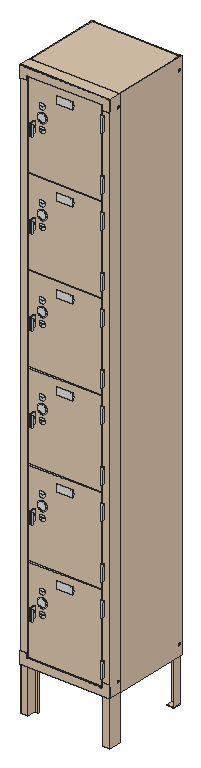
Revit family "Metal_Vented_Lockers-Salsbury_Industries-75000_76000_Series-1_Wide_Units", category Specialty Equipment, Revit 2022 (continued)
Definition of nested family "Metal Locker Legs"
  Forms (in)
    Extrusion 1, solid, material <- "Primary Structure Material", visible <- "Visible"
      sketch origin (0, 0, 0) x (0, -1, 0) y (1, 0, 0)
        loop
          line (7.417, 6.0035) -> (7.417, 5.9435) -> (8.945, 5.9435) -> (8.945, 5.0635) -> (7.76, 5.0635) -> (7.76, 4.5635) -> (7.82, 4.5635) -> (7.82, 5.0035) -> (9.005, 5.0035) -> (9.005, 6.0035) -> (7.417, 6.0035)
      from 0 to 6
    Extrusion 2, solid, material <- "Primary Structure Material", visible <- "Visible"
      sketch origin (0, 0, 0) x (0, -1, 0) y (1, 0, 0)
        loop
          line (7.417, -6.0035) -> (9.005, -6.0035) -> (9.005, -5.0035) -> (7.82, -5.0035) -> (7.82, -4.5635) -> (7.76, -4.5635) -> (7.76, -5.0635) -> (8.945, -5.0635) -> (8.945, -5.9435) -> (7.417, -5.9435) -> (7.417, -6.0035)
      from 0 to 6
    Extrusion 3, solid, material <- "Primary Structure Material", visible <- "Visible"
      sketch origin (0, 0, 0) x (0, -1, 0) y (1, 0, 0)
        loop
          line (-8.895, 5.8835) -> (-8.895, 4.8835) -> (-8.835, 4.8835) -> (-8.835, 5.8235) -> (-7.895, 5.8235) -> (-7.895, 5.8835) -> (-8.895, 5.8835)
      from 0.06 to 6.185
    Extrusion 4, solid, material <- "Primary Structure Material", visible <- "Visible"
      sketch origin (0, 0, 0) x (0, -1, 0) y (1, 0, 0)
        loop
          line (-8.895, 5.8835) -> (-8.895, 4.8835) -> (-7.895, 4.8835) -> (-7.895, 5.8835) -> (-8.895, 5.8835)
      from 0 to 0.06
    Extrusion 5, solid, material <- "Primary Structure Material", visible <- "Visible"
      sketch origin (0, 0, 0) x (0, -1, 0) y (1, 0, 0)
        loop
          line (-8.895, -5.8835) -> (-7.895, -5.8835) -> (-7.895, -5.8235) -> (-8.835, -5.8235) -> (-8.835, -4.8835) -> (-8.895, -4.8835) -> (-8.895, -5.8835)
      from 0.06 to 6.185
    Extrusion 6, solid, material <- "Primary Structure Material", visible <- "Visible"
      sketch origin (0, 0, 0) x (0, -1, 0) y (1, 0, 0)
        loop
          line (-8.895, -5.8835) -> (-7.895, -5.8835) -> (-7.895, -4.8835) -> (-8.895, -4.8835) -> (-8.895, -5.8835)
      from 0 to 0.06
  Dimensions and locks (in)
    equal spacing: plane 6 "Left Side of Unit", plane 3 "Center (Left/Right)", plane 7 "Right Side of Unit"
    "Width": plane 6 "Left Side of Unit" to plane 7 "Right Side of Unit"
    "Height": plane 5 "Bottom of Unit" to plane 4 "Floor"
    equal spacing: plane 9 "Front of Unit", plane 1 "Center (Front/Back)", plane 8 "Back of Unit"
    "Depth": plane 9 "Front of Unit" to plane 8 "Back of Unit"
    plane 12 "Top of back legs" to plane 5 "Bottom of Unit" = 0.185"
    plane 6 "Left Side of Unit" to plane 11 "Left Side of Door Opening" = 1.000"
    plane 10 "Right Side of Door Opening" to plane 7 "Right Side of Unit" = 1.000"
    locked: plane 9 "Front of Unit" to plane 13 "Back Edge of Front Facing" at 1.588
    plane 11 "Left Side of Door Opening" to plane 14 "Inside Edge of Front Leg" = 0.440"
    plane 15 "Inside Edge of Right Leg" to plane 10 "Right Side of Door Opening" = 0.440"
    plane 9 "Front of Unit" to plane 16 = 1.185"
    plane 15 "Inside Edge of Right Leg" to plane 21 "Inside Edge or Rear Right Leg" to plane 10 "Right Side of Door Opening" to plane 18 "Right Edge of Rear Right Leg" to plane 7 "Right Side of Unit" = 0.320", 0.120", 0.880", 0.120"
    plane 6 "Left Side of Unit" to plane 19 "Left Edge or Rear Left Leg" to plane 11 "Left Side of Door Opening" to plane 22 "Inside Edge or Left Rear Leg" to plane 14 "Inside Edge of Front Leg" = 0.120", 0.880", 0.120", 0.320"
    plane 20 to plane 17 "Back Edge of Rear Legs" to plane 8 "Back of Unit" = 1.000", 0.110"
    aligned and locked: level to plane 2
    aligned and locked: Extrusion 3 to Extrusion 4
    aligned and locked: Extrusion 6 to Extrusion 5
    aligned and locked: Extrusion 3 to plane 18 "Right Edge of Rear Right Leg"
    aligned and locked: Extrusion 3 to plane 17 "Back Edge of Rear Legs"
    aligned and locked: Extrusion 5 to plane 19 "Left Edge or Rear Left Leg"
    aligned and locked: Extrusion 5 to plane 17 "Back Edge of Rear Legs"
    aligned and locked: Extrusion 2 to plane 5 "Bottom of Unit"
    aligned and locked: Extrusion 1 to plane 5 "Bottom of Unit"
    aligned and locked: Extrusion 3 to plane 12 "Top of back legs"
    aligned and locked: Extrusion 5 to plane 12 "Top of back legs"
  Automatic sketch dimensions
    plane 13 "Back Edge of Front Facing" to Extrusion 1 sketch curve = 0.000"
    Extrusion 1 sketch curve to plane 15 "Inside Edge of Right Leg" = 0.000"
    plane 16 to Extrusion 1 sketch curve = 0.000"
    Extrusion 1 sketch curve to plane 7 "Right Side of Unit" = 0.000"
    plane 9 "Front of Unit" to Extrusion 1 sketch curve = 0.000"
    Extrusion 1 sketch curve to plane 10 "Right Side of Door Opening" = 0.000"
    Extrusion 1 sketch curve to plane 16 = 0.060"
    Extrusion 1 sketch curve to plane 9 "Front of Unit" = 0.060"
    Extrusion 1 sketch curve to plane 10 "Right Side of Door Opening" = 0.060"
    plane 7 "Right Side of Unit" to Extrusion 1 sketch curve = 0.060"
    plane 13 "Back Edge of Front Facing" to Extrusion 2 sketch curve = 0.000"
    Extrusion 2 sketch curve to plane 14 "Inside Edge of Front Leg" = 0.000"
    plane 16 to Extrusion 2 sketch curve = 0.000"
    Extrusion 2 sketch curve to plane 6 "Left Side of Unit" = 0.000"
    plane 9 "Front of Unit" to Extrusion 2 sketch curve = 0.000"
    Extrusion 2 sketch curve to plane 11 "Left Side of Door Opening" = 0.000"
    plane 16 to Extrusion 2 sketch curve = 0.060"
    plane 9 "Front of Unit" to Extrusion 2 sketch curve = 0.060"
    Extrusion 2 sketch curve to plane 11 "Left Side of Door Opening" = 0.060"
    plane 6 "Left Side of Unit" to Extrusion 2 sketch curve = 0.060"
    plane 17 "Back Edge of Rear Legs" to Extrusion 3 sketch curve = 0.000"
    Extrusion 3 sketch curve to plane 21 "Inside Edge or Rear Right Leg" = 0.000"
    Extrusion 3 sketch curve to plane 18 "Right Edge of Rear Right Leg" = 0.000"
    plane 20 to Extrusion 3 sketch curve = 0.000"
    plane 17 "Back Edge of Rear Legs" to Extrusion 3 sketch curve = 0.060"
    plane 18 "Right Edge of Rear Right Leg" to Extrusion 3 sketch curve = 0.060"
    plane 17 "Back Edge of Rear Legs" to Extrusion 4 sketch curve = 0.000"
    Extrusion 4 sketch curve to plane 18 "Right Edge of Rear Right Leg" = 0.000"
    plane 20 to Extrusion 4 sketch curve = 0.000"
    Extrusion 4 sketch curve to plane 21 "Inside Edge or Rear Right Leg" = 0.000"
    plane 17 "Back Edge of Rear Legs" to Extrusion 5 sketch curve = 0.000"
    Extrusion 5 sketch curve to plane 22 "Inside Edge or Left Rear Leg" = 0.000"
    Extrusion 5 sketch curve to plane 19 "Left Edge or Rear Left Leg" = 0.000"
    plane 20 to Extrusion 5 sketch curve = 0.000"
    Extrusion 5 sketch curve to plane 17 "Back Edge of Rear Legs" = 0.060"
    Extrusion 5 sketch curve to plane 19 "Left Edge or Rear Left Leg" = 0.060"
    plane 17 "Back Edge of Rear Legs" to Extrusion 6 sketch curve = 0.000"
    Extrusion 6 sketch curve to plane 19 "Left Edge or Rear Left Leg" = 0.000"
    plane 20 to Extrusion 6 sketch curve = 0.000"
    Extrusion 6 sketch curve to plane 22 "Inside Edge or Left Rear Leg" = 0.000"
Definition of nested family "Vented Metal Locker Doors-12 inch with Latch Hasps"
  Parameters (values of type "Four Tier Door - 6 foot")
    Width = 9.901"
    Visible = yes
    Vent Array Spacing = 1.187"
    Vent Array 2 = if(Height = 17.360", 10, if(Height = 14.360", 8, if(Height = 11.532", 6, if(Height = 11.463", 6, 0))))  # 10
    Vent Array 1 = Vent Array 2  # 10
    Primary Structure Material = none
    Louver Set Vertical Alignment = 5.710"
    Number Plate Alignment = 0.9375"
    Louver Width = 4.000"
    Hinge 2 Placement = 14.142"
    Hinge 1 Placement = 1.125"
    Height = 17.360"
    Hasp Plate Rivet Material = none
    Hasp Height = 1.438"
    First Vent Placement = 2.875"
    Depth = 0.900"
    Default Elevation = 0.000"
  Types (4): name | Vent Array 2 | Vent Array 1 | Louver Set Vertical Alignment | Hinge 2 Placement | Height | First Vent Placement
    Six Tier Door - 6 foot | 6 | 6 | 2.731" | 8.449" | 11.532" | 2.3925"
    Five Tier Door - 5 foot | 6 | 6 | 2.826" | 8.188" | 11.463" | 2.3925"
    Four Tier Door - 6 foot | 10 | 10 | 5.710" | 14.142" | 17.360" | 2.875"
    Four Tier Door - 5 foot | 8 | 8 | 4.240" | 11.142" | 14.360" | 2.625"
  Reference planes (in)
    plane 1 "Center (Front/Back)": y = 0
    plane 2 "Bottom of Door": z = 0
    plane 3 "Center (Left/Right)": x = 0
    plane 4 "Center (Top/Bottom)": z = 8.68
    plane 5 "Top of Door": z = 17.36
    plane 6 "Right Side of Door": x = 4.9505
    plane 7 "Left Side of Door": x = -4.9505
    plane 8 "Front of Door": y = -0.45
    plane 9 "Back of Door": y = 0.45
    plane 10 "Top of Number Plate": z = 16.4225
    plane 11 "Top of Hasp Alignment": z = 9.399
    plane 12 "Bottom of Hasp Alignment": z = 7.961
    plane 13 "Left Side of Louvers": x = -2
    plane 14 "Right Side of Louvers": x = 2
    plane 15 "Front of Louvers": y = -0.6375
    plane 16: x = -1.094
    plane 17: x = 1.094
    plane 18: z = 15.4225
    plane 19 "Center Hasp": x = -1.7755
    plane 20 "Top of Hinge 2": z = 3.218
    plane 21 "Top of Hinge 1": z = 16.235
    plane 22 "Left Hasp Hole Align": x = -4.263
    plane 23 "Right Hasp Hole Align": x = -4.013
    plane 24 "Center Hasp Stud Align": z = 10.09841
    plane 25 "Top Hasp Stud Align": z = 11.51682
    plane 26 "Vertical Hasp Stud Align": x = -3.076
    plane 27 "Vertical Center Hasp Align": x = -4.13777
    plane 28: z = 2.875
    plane 29: z = 3.46558
    plane 30: z = 4.062
    plane 31: z = 4.65258
  Forms (in)
    Extrusion 1, solid, material <- "Primary Structure Material", visible <- "Visible"
      sketch origin (0, 0, 0) x (1, 0, 0) y (0, 0, 1)
        loop
          line (-4.9505, 17.36) -> (-4.9505, 0) -> (4.9505, 0) -> (4.9505, 17.36) -> (-4.9505, 17.36)
      from -0.45 to 0.45
    Extrusion 2, solid, material <- "Hasp Plate Rivet Material", visible <- "Visible", detail levels medium+fine
      sketch origin (0, -0.45, 0) x (1, 0, 0) y (0, 0, 1)
        loop
          arc (-1.06847, 16.38695) -> (-1.10166, 15.92421) -> (-1.06847, 15.46147) r 3.2426
          arc (-1.06847, 15.46147) -> (0, 15.42272) -> (1.06847, 15.46147) r 14.75
          arc (1.06847, 15.46147) -> (1.10166, 15.92421) -> (1.06847, 16.38695) r 3.2426
          arc (1.06847, 16.38695) -> (0, 16.41487) -> (-1.06847, 16.38695) r 20.45441
      from 0 to 0.03497
    Extrusion 3, void
      sketch origin (-1.7755, -0.13281, 0.04687) x (0, 0, -1) y (0, -1, 0)
        loop
          circle (-8.35677, -0.16411) r 0.2
      from -0.163 to 0.163
    Extrusion 4, solid, material <- "Primary Structure Material", visible <- "Visible", detail levels medium+fine
      sketch origin (0, 0, 16.235) x (0, -1, 0) y (1, 0, 0)
        loop
          line (0.45, 4.9505) -> (0.575, 4.9505)
          arc (0.575, 4.9505) -> (0.7, 5.0755) -> (0.575, 5.2005) r 0.125
          line (0.575, 5.2005) -> (0.45, 5.2005) -> (0.45, 4.9505)
      from 0 to -2
    Extrusion 5, solid, material <- "Primary Structure Material", visible <- "Visible", detail levels medium+fine
      sketch origin (0, 0, 3.218) x (0, -1, 0) y (1, 0, 0)
        loop
          line (0.45, 4.9505) -> (0.575, 4.9505)
          arc (0.575, 4.9505) -> (0.7, 5.0755) -> (0.575, 5.2005) r 0.125
          line (0.575, 5.2005) -> (0.45, 5.2005) -> (0.45, 4.9505)
      from 0 to -2
    Extrusion 6, void
      sketch origin (0, -0.45, 0) x (1, 0, 0) y (0, 0, 1)
        loop
          line (-4.263, 9.399) -> (-4.263, 7.961) -> (-4.013, 7.961) -> (-4.013, 9.399) -> (-4.263, 9.399)
      from -0.9 to 0
    Blend 7, solid, material <- "Hasp Plate Rivet Material", visible <- "Visible", detail levels fine
      base sketch origin (0, -0.45, 0) x (1, 0, 0) y (0, 0, 1)
        loop
          circle (-3.076, 8.68) r 0.375
      top sketch origin (0, -0.45, 0) x (1, 0, 0) y (0, 0, 1)
        loop
          circle (-3.076, 8.68) r 0.09706
      from 0 to 0.03497
    Blend 8, solid, material <- "Hasp Plate Rivet Material", visible <- "Visible", detail levels fine
      base sketch origin (0, -0.45, 2.83682) x (1, 0, 0) y (0, 0, 1)
        loop
          circle (-3.076, 8.68) r 0.375
      top sketch origin (0, -0.45, 2.83682) x (1, 0, 0) y (0, 0, 1)
        loop
          circle (-3.076, 8.68) r 0.09706
      from 0 to 0.03497
    Blend 9, solid, material <- "Hasp Plate Rivet Material", visible <- "Visible", detail levels fine
      base sketch origin (0, -0.45, -0.16841) x (1, 0, 0) y (0, 0, 1)
        loop
          circle (-3.076, 10.26682) r 0.625
      top sketch origin (0, -0.45, -0.16841) x (1, 0, 0) y (0, 0, 1)
        loop
          circle (-3.076, 10.26682) r 0.58088
      from 0 to 0.03497
    Extrusion 10, solid, material <- "Hasp Plate Rivet Material", visible <- "Visible", detail levels fine
      sketch origin (0, 0, 7.961) x (0, -1, 0) y (1, 0, 0)
        loop
          line (-0.45, -4.07527) -> (-0.45, -4.13777) -> (1.2, -4.13777)
          arc (1.2, -4.13777) -> (1.24419, -4.11946) -> (1.2625, -4.07527) r 0.0625
          line (1.2625, -4.07527) -> (1.2625, -3.76277) -> (1.20579, -3.76277) -> (1.20579, -4.0127)
          arc (1.20579, -4.0127) -> (1.18746, -4.05694) -> (1.14322, -4.07527) r 0.06257
          line (1.14322, -4.07527) -> (-0.45, -4.07527)
      from 0 to 1.438
    Extrusion 11, solid, material <- "Hasp Plate Rivet Material", visible <- "Visible", detail levels fine
      sketch origin (0, 0, 7.961) x (0, -1, 0) y (1, 0, 0)
        loop
          line (-0.45, -4.20027) -> (1.2625, -4.20027) -> (1.2625, -4.13777) -> (-0.45, -4.13777) -> (-0.45, -4.20027)
      from 0 to 1.438
    Extrusion 12, void
      sketch origin (-4.013, 0, 0) x (0, 0, -1) y (0, -1, 0)
        loop
          circle (-8.68, 0.82219) r 0.375
      from 0 to 0.25
  Cuts and joins
    Extrusion 3, Extrusion 6 cuts Extrusion 1
    Extrusion 12 cuts Extrusion 10
    Extrusion 12 cuts Extrusion 11
  Lines and regions (in)
    symbolic lines
      curve 1: line (-4.20027, -0.44719, 7.961) -> (-4.20027, -1.2625, 7.961)
      curve 2: line (-4.20027, -1.2625, 7.961) -> (-4.13777, -1.2625, 7.961)
      curve 3: line (-4.13777, -1.2625, 7.961) -> (-4.13777, -0.45, 7.961)
      curve 4: line (-4.07527, -0.44719, 7.961) -> (-4.07527, -1.14322, 7.961)
      curve 5: line (-4.0127, -1.20579, 7.961) -> (-3.76277, -1.20579, 7.961)
      curve 6: line (-3.76277, -1.20579, 7.961) -> (-3.76277, -1.2625, 7.961)
      curve 7: line (-3.76277, -1.2625, 7.961) -> (-4.07527, -1.2625, 7.961)
      curve 8: arc (-4.07527, -1.14322, 7.961) -> (-4.05694, -1.18746, 7.961) -> (-4.0127, -1.20579, 7.961) r 0.06257
      curve 9: arc (-4.07527, -1.2625, 7.961) -> (-4.11946, -1.24419, 7.961) -> (-4.13777, -1.2, 7.961) r 0.0625
      curve 10: line (-4.013, -0.45, 9.40058) -> (-4.013, -1.26256, 9.40058)
      curve 11: line (-4.013, -1.26256, 9.40058) -> (-4.013, -1.26256, 7.9612)
      curve 12: line (-4.013, -1.26256, 7.9612) -> (-4.013, -0.45309, 7.9612)
      curve 13: line (-4.263, -0.45, 9.399) -> (-4.20027, -0.45, 9.399)
      curve 14: line (-4.263, -0.45, 7.961) -> (-4.263, -0.45, 9.399)
      curve 15: line (-4.20027, -0.45, 7.961) -> (-4.263, -0.45, 7.961)
      curve 16: line (-4.20027, -0.45, 9.399) -> (-4.20027, -0.45, 7.961)
      curve 17: line (-4.20027, -0.45, 9.399) -> (-3.76277, -0.45, 9.399)
      curve 18: line (-4.20027, -0.45, 7.961) -> (-3.76277, -0.45, 7.961)
      curve 19: line (-3.76277, -0.45, 9.399) -> (-3.76277, -0.45, 7.961)
      curve 20: circle (-3.076, -0.45, 11.51682) r 0.371 normal (0, -1, 0)
      curve 21: circle (-3.076, -0.45, 8.68) r 0.375 normal (0, -1, 0)
      curve 22: circle (-3.076, -0.45, 10.09841) r 0.62368 normal (0, -1, 0)
      curve 23: line (-4.9505, -0.45, 17.36) -> (4.9505, -0.45, 17.36)
      curve 24: line (-4.9505, -0.45, 0) -> (-4.9505, -0.45, 17.36)
      curve 25: line (4.9505, -0.45, 0) -> (-4.9505, -0.45, 0)
      curve 26: line (4.9505, -0.45, 17.36) -> (4.9505, -0.45, 0)
  Dimensions and locks (in)
    equal spacing: plane 5 "Top of Door", plane 4 "Center (Top/Bottom)", plane 2 "Bottom of Door"
    "Height": plane 5 "Top of Door" to plane 2 "Bottom of Door"
    equal spacing: plane 8 "Front of Door", plane 1 "Center (Front/Back)", plane 9 "Back of Door"
    "Depth": plane 8 "Front of Door" to plane 9 "Back of Door"
    equal spacing: plane 7 "Left Side of Door", plane 3 "Center (Left/Right)", plane 6 "Right Side of Door"
    "Width": plane 7 "Left Side of Door" to plane 6 "Right Side of Door"
    "Number Plate Alignment": plane 5 "Top of Door" to plane 10 "Top of Number Plate" to plane 18
    equal spacing: plane 13 "Left Side of Louvers", plane 3 "Center (Left/Right)", plane 14 "Right Side of Louvers"
    "Louver Width": plane 13 "Left Side of Louvers" to plane 14 "Right Side of Louvers"
    plane 25 "Top Hasp Stud Align" to plane 24 "Center Hasp Stud Align" to plane 11 "Top of Hasp Alignment" to plane 4 "Center (Top/Bottom)" to plane 12 "Bottom of Hasp Alignment" = 1.41841", 0.69941", 0.719", 0.719"
    "Hasp Height": plane 11 "Top of Hasp Alignment" to plane 12 "Bottom of Hasp Alignment"
    locked: plane 15 "Front of Louvers" to plane 8 "Front of Door" at 0.1875
    plane 16 to plane 3 "Center (Left/Right)" to plane 17 = 1.094" locked, 1.094" locked
    "Hinge 1 Placement": plane 5 "Top of Door" to plane 21 "Top of Hinge 1"
    "Hinge 2 Placement": plane 5 "Top of Door" to plane 20 "Top of Hinge 2"
    plane 7 "Left Side of Door" to plane 22 "Left Hasp Hole Align" to plane 23 "Right Hasp Hole Align" to plane 26 "Vertical Hasp Stud Align" = 0.6875" locked, 0.250" locked, 0.937" locked
    equal spacing: group 1, group 2, group 3, group 4, group 5, group 6, group 13, group 14, group 15, group 16  (x3)
    equal spacing: group 7, group 8, group 9, group 10, group 11, group 12, group 17, group 18, group 19, group 20  (x3)
    "Vent Array Spacing": plane 30 to plane 28
    "First Vent Placement": plane 28 to plane 2 "Bottom of Door"
    "Vent Array Spacing": plane 31 to plane 29
    locked: plane 29 to plane 28 at 0.59058
    aligned and locked: level to plane 2 "Bottom of Door"
    aligned and locked: plane 5 "Top of Door" to Extrusion 1 sketch curve
    aligned and locked: Extrusion 1 sketch curve to plane 7 "Left Side of Door"
    aligned and locked: plane 2 "Bottom of Door" to Extrusion 1 sketch curve
    aligned and locked: plane 6 "Right Side of Door" to Extrusion 1 sketch curve
    aligned and locked: plane 11 "Top of Hasp Alignment" to Extrusion 6 sketch curve
    aligned and locked: Extrusion 6 sketch curve to plane 22 "Left Hasp Hole Align"
    aligned and locked: Extrusion 6 sketch curve to plane 12 "Bottom of Hasp Alignment"
    aligned and locked: plane 23 "Right Hasp Hole Align" to Extrusion 6 sketch curve
    aligned and locked: plane 25 "Top Hasp Stud Align" to Blend 8 sketch curve  (x2)
    aligned and locked: plane 4 "Center (Top/Bottom)" to Blend 7 sketch curve  (x2)
    aligned and locked: plane 24 "Center Hasp Stud Align" to Blend 9 sketch curve  (x2)
    aligned and locked: plane 27 "Vertical Center Hasp Align" to Extrusion 11 sketch curve
    aligned and locked: plane 27 "Vertical Center Hasp Align" to Extrusion 10 sketch curve
    aligned and locked: plane 4 "Center (Top/Bottom)" to Extrusion 12 sketch curve
    aligned and locked: plane 3 "Center (Left/Right)" to nested 1
    aligned and locked: plane 28 to nested 2
    aligned and locked: plane 29 to nested 1
    aligned and locked: plane 30 to nested 3
    aligned and locked: plane 31 to nested 8
    aligned and locked: curve 1 to cut or joined group of Extrusion 11, Extrusion 12
    aligned and locked: curve 2 to cut or joined group of Extrusion 11, Extrusion 12
    aligned and locked: curve 3 to cut or joined group of Extrusion 11, Extrusion 12
    aligned and locked: cut or joined group of Extrusion 10, Extrusion 12 to curve 4
    aligned and locked: curve 5 to cut or joined group of Extrusion 10, Extrusion 12
    aligned and locked: curve 6 to cut or joined group of Extrusion 10, Extrusion 12
    aligned and locked: curve 7 to cut or joined group of Extrusion 10, Extrusion 12
    aligned and locked: curve 10 to nested 12  (x2)
    aligned and locked: curve 13 to cut or joined group of Extrusion 1, Extrusion 3, Extrusion 6
    aligned and locked: curve 14 to cut or joined group of Extrusion 1, Extrusion 3, Extrusion 6
    aligned and locked: cut or joined group of Extrusion 11, Extrusion 12 to curve 15
    aligned and locked: curve 16 to cut or joined group of Extrusion 11, Extrusion 12
    aligned and locked: curve 13 to curve 17
    aligned and locked: curve 19 to cut or joined group of Extrusion 10, Extrusion 12
    aligned and locked: curve 23 to cut or joined group of Extrusion 1, Extrusion 3, Extrusion 6
    aligned and locked: curve 25 to cut or joined group of Extrusion 1, Extrusion 3, Extrusion 6
    aligned and locked: curve 26 to cut or joined group of Extrusion 1, Extrusion 3, Extrusion 6
  Automatic sketch dimensions
    Extrusion 2 sketch curve to plane 3 "Center (Left/Right)" = 0.000"  (x2)
    plane 13 "Left Side of Louvers" to Extrusion 2 sketch curve = 0.14094"
    Extrusion 2 sketch curve to plane 14 "Right Side of Louvers" = 0.14094"
    Extrusion 2 sketch curve to level = 4.03954"
    plane 21 "Top of Hinge 1" to Extrusion 2 sketch curve = 0.31079"  (x2)
    Extrusion 2 sketch curve to plane 5 "Top of Door" = 12.81272"
    Extrusion 2 sketch curve to plane 16 = 0.02553"  (x2)
    plane 17 to Extrusion 2 sketch curve = 0.02553"
    Extrusion 2 sketch curve to plane 18 = 0.03897"
    Extrusion 3 sketch curve to plane 1 "Center (Front/Back)" = 0.0313"
    Extrusion 4 sketch curve to plane 6 "Right Side of Door" = 0.000"
    plane 8 "Front of Door" to Extrusion 4 sketch curve = 0.000"
    Extrusion 4 sketch curve to plane 15 "Front of Louvers" = 0.0625"
    Extrusion 4 sketch curve to plane 6 "Right Side of Door" = 0.125"
    Extrusion 5 sketch curve to plane 6 "Right Side of Door" = 0.000"
    plane 8 "Front of Door" to Extrusion 5 sketch curve = 0.000"
    Extrusion 5 sketch curve to plane 15 "Front of Louvers" = 0.0625"
    Extrusion 5 sketch curve to plane 6 "Right Side of Door" = 0.125"
    plane 26 "Vertical Hasp Stud Align" to Blend 7 sketch curve = 0.000"  (x2)
    plane 26 "Vertical Hasp Stud Align" to Blend 8 sketch curve = 0.000"  (x2)
    plane 26 "Vertical Hasp Stud Align" to Blend 9 sketch curve = 0.000"  (x2)
    Extrusion 10 sketch curve to plane 1 "Center (Front/Back)" = 0.450"
    plane 23 "Right Hasp Hole Align" to Extrusion 10 sketch curve = 0.06227"
    Extrusion 10 sketch curve to plane 23 "Right Hasp Hole Align" = 0.0003"
    plane 15 "Front of Louvers" to Extrusion 10 sketch curve = 0.50572"
    Extrusion 10 sketch curve to Extrusion 10 sketch curve = 0.05678"
    Extrusion 10 sketch curve to Extrusion 10 sketch curve = 0.24993"
    plane 9 "Back of Door" to Extrusion 11 sketch curve = 0.000"
    plane 15 "Front of Louvers" to Extrusion 11 sketch curve = 0.625"
    Extrusion 11 sketch curve to plane 22 "Left Hasp Hole Align" = 0.06273"
    Extrusion 10 sketch curve to Extrusion 10 sketch curve = 0.06257"
    plane 15 "Front of Louvers" to Extrusion 12 sketch curve = 0.18469"
    plane 4 "Center (Top/Bottom)" to Extrusion 3 sketch curve = 0.27635"
    plane 8 "Front of Door" to curve 3 = 0.000"
    curve 8 to plane 23 "Right Hasp Hole Align" = 0.0003"
    curve 9 to curve 4 = 0.000"
    curve 1 to plane 8 "Front of Door" = 0.00281"
    curve 4 to plane 8 "Front of Door" = 0.00281"
    plane 15 "Front of Louvers" to curve 11 = 0.62506"
    curve 12 to plane 12 "Bottom of Hasp Alignment" = 0.0002"
    plane 8 "Front of Door" to curve 12 = 0.00309"
    plane 7 "Left Side of Door" to curve 24 = 0.000"
    curve 22 to plane 24 "Center Hasp Stud Align" = 0.000"
    plane 26 "Vertical Hasp Stud Align" to curve 22 = 0.000"
    curve 21 to plane 4 "Center (Top/Bottom)" = 0.000"
    plane 26 "Vertical Hasp Stud Align" to curve 21 = 0.000"
    curve 20 to plane 25 "Top Hasp Stud Align" = 0.000"
    plane 26 "Vertical Hasp Stud Align" to curve 20 = 0.000"
    radius of Extrusion 3 sketch curve = 0.200"
    radius of Blend 7 sketch curve = 0.375"
    radius of Blend 7 sketch curve = 0.09706"
    radius of Blend 8 sketch curve = 0.375"
    radius of Blend 8 sketch curve = 0.09706"
    radius of Blend 9 sketch curve = 0.625"
    radius of Blend 9 sketch curve = 0.58088"
    radius of Extrusion 12 sketch curve = 0.375"
    radius of curve 20 = 0.371"
    radius of curve 21 = 0.375"
    radius of curve 22 = 0.62368"
  Nested families (in)
    nested 1: "Vents - Horizontal 3" at (0, -0.45, -61.80738), type "Vents - Horizontal 3"
    nested 2: "Vents - Horizontal 2" at (2.6043, -0.45, -60.66388), type "Vents - Horizontal 2"
    nested 3: "Vents - Horizontal 2" at (2.6043, -0.45, -59.47688), type "Vents - Horizontal 2"
    nested 4: "Vents - Horizontal 2" at (2.6043, -0.45, -58.28988), type "Vents - Horizontal 2"
    nested 5: "Vents - Horizontal 2" at (2.6043, -0.45, -57.10288), type "Vents - Horizontal 2"
    nested 6: "Vents - Horizontal 2" at (2.6043, -0.45, -55.91588), type "Vents - Horizontal 2"
    nested 7: "Vents - Horizontal 2" at (2.6043, -0.45, -54.72888), type "Vents - Horizontal 2"
    nested 8: "Vents - Horizontal 3" at (0, -0.45, -60.62038), type "Vents - Horizontal 3"
    nested 9: "Vents - Horizontal 3" at (0, -0.45, -59.43338), type "Vents - Horizontal 3"
    nested 10: "Vents - Horizontal 3" at (0, -0.45, -58.24638), type "Vents - Horizontal 3"
    nested 11: "Vents - Horizontal 3" at (0, -0.45, -57.05938), type "Vents - Horizontal 3"
    nested 12: "Vents - Horizontal 3" at (0, -0.45, -55.87238), type "Vents - Horizontal 3"
    nested 13: "Vents - Horizontal 2" at (2.6043, -0.45, -53.54188), type "Vents - Horizontal 2"
    nested 14: "Vents - Horizontal 2" at (2.6043, -0.45, -52.35488), type "Vents - Horizontal 2"
    nested 15: "Vents - Horizontal 2" at (2.6043, -0.45, -51.16788), type "Vents - Horizontal 2"
    nested 16: "Vents - Horizontal 2" at (2.6043, -0.45, -49.98088), type "Vents - Horizontal 2"
    nested 17: "Vents - Horizontal 3" at (0, -0.45, -54.68538), type "Vents - Horizontal 3"
    nested 18: "Vents - Horizontal 3" at (0, -0.45, -53.49838), type "Vents - Horizontal 3"
    nested 19: "Vents - Horizontal 3" at (0, -0.45, -52.31138), type "Vents - Horizontal 3"
    nested 20: "Vents - Horizontal 3" at (0, -0.45, -51.12438), type "Vents - Horizontal 3"
  Definition of nested family "Vents - Horizontal 3"
    Parameters (values of type "Vents - Horizontal 3")
      Default Elevation = 0.000"
    Reference planes (in)
      plane 1 "Center (Front/Back)": y = 0
      plane 2: z = 0
      plane 3 "Center (Left/Right)": x = 0
    Lines and regions (in)
      model lines
        curve 1: spline (1.08625, 0, 65.3981) -> (1.05712, 0, 65.3804) -> (1.03269, 0, 65.36106) -> (1.01334, 0, 65.34039) -> (0.99936, 0, 65.31871) -> (0.99096, 0, 65.29635) -> (0.98829, 0, 65.27365) -> (0.99137, 0, 65.25097) -> (1.00016, 0, 65.22864) -> (1.01452, 0, 65.20702) -> (1.03424, 0, 65.18644) -> (1.05902, 0, 65.16721) -> (1.08846, 0, 65.14963)
        curve 2: line (1.08625, 0, 65.3981) -> (1.73835, 0, 65.64972)
        curve 3: line (1.08846, 0, 65.14963) -> (1.73762, 0, 64.89923)
        curve 4: spline (2.39008, 0, 65.39825) -> (2.41937, 0, 65.38053) -> (2.44394, 0, 65.36117) -> (2.46341, 0, 65.34048) -> (2.47747, 0, 65.31876) -> (2.48591, 0, 65.29637) -> (2.4886, 0, 65.27363) -> (2.4855, 0, 65.25091) -> (2.47665, 0, 65.22855) -> (2.46219, 0, 65.2069) -> (2.44234, 0, 65.18629) -> (2.41742, 0, 65.16704) -> (2.3878, 0, 65.14945)
        curve 5: line (2.39008, 0, 65.39825) -> (1.73835, 0, 65.64972)
        curve 6: line (2.3878, 0, 65.14945) -> (1.73762, 0, 64.89923)
        curve 13: spline (-0.65075, 0, 65.3981) -> (-0.67988, 0, 65.3804) -> (-0.70431, 0, 65.36106) -> (-0.72366, 0, 65.34039) -> (-0.73764, 0, 65.31871) -> (-0.74604, 0, 65.29635) -> (-0.74871, 0, 65.27365) -> (-0.74563, 0, 65.25097) -> (-0.73684, 0, 65.22864) -> (-0.72248, 0, 65.20702) -> (-0.70276, 0, 65.18644) -> (-0.67798, 0, 65.16721) -> (-0.64854, 0, 65.14963)
        curve 14: line (-0.65075, 0, 65.3981) -> (0.00135, 0, 65.64972)
        curve 15: line (-0.64854, 0, 65.14963) -> (0.00062, 0, 64.89923)
        curve 16: spline (0.65308, 0, 65.39825) -> (0.68237, 0, 65.38053) -> (0.70694, 0, 65.36117) -> (0.72641, 0, 65.34048) -> (0.74047, 0, 65.31876) -> (0.74891, 0, 65.29637) -> (0.7516, 0, 65.27363) -> (0.7485, 0, 65.25091) -> (0.73965, 0, 65.22855) -> (0.72519, 0, 65.2069) -> (0.70534, 0, 65.18629) -> (0.68042, 0, 65.16704) -> (0.6508, 0, 65.14945)
        curve 17: line (0.65308, 0, 65.39825) -> (0.00135, 0, 65.64972)
        curve 18: line (0.6508, 0, 65.14945) -> (0.00062, 0, 64.89923)
        curve 19: spline (-2.38775, 0, 65.3981) -> (-2.41688, 0, 65.3804) -> (-2.44131, 0, 65.36106) -> (-2.46066, 0, 65.34039) -> (-2.47464, 0, 65.31871) -> (-2.48304, 0, 65.29635) -> (-2.48571, 0, 65.27365) -> (-2.48263, 0, 65.25097) -> (-2.47384, 0, 65.22864) -> (-2.45948, 0, 65.20702) -> (-2.43976, 0, 65.18644) -> (-2.41498, 0, 65.16721) -> (-2.38554, 0, 65.14963)
        curve 20: line (-2.38775, 0, 65.3981) -> (-1.73565, 0, 65.64972)
        curve 21: line (-2.38554, 0, 65.14963) -> (-1.73638, 0, 64.89923)
        curve 22: spline (-1.08392, 0, 65.39825) -> (-1.05463, 0, 65.38053) -> (-1.03006, 0, 65.36117) -> (-1.01059, 0, 65.34048) -> (-0.99653, 0, 65.31876) -> (-0.98809, 0, 65.29637) -> (-0.9854, 0, 65.27363) -> (-0.9885, 0, 65.25091) -> (-0.99735, 0, 65.22855) -> (-1.01181, 0, 65.2069) -> (-1.03166, 0, 65.18629) -> (-1.05658, 0, 65.16704) -> (-1.0862, 0, 65.14945)
        curve 23: line (-1.08392, 0, 65.39825) -> (-1.73565, 0, 65.64972)
        curve 24: line (-1.0862, 0, 65.14945) -> (-1.73638, 0, 64.89923)
      model lines, not visible
        curve 7: spline (6.02, -6.45464, 72.16015) -> (6.02, -6.43694, 72.13102) -> (6.02, -6.4176, 72.10659) -> (6.02, -6.39694, 72.08724) -> (6.02, -6.37525, 72.07326) -> (6.02, -6.35289, 72.06486) -> (6.02, -6.33019, 72.06219) -> (6.02, -6.30751, 72.06527) -> (6.02, -6.28518, 72.07406) -> (6.02, -6.26356, 72.08842) -> (6.02, -6.24298, 72.10814) -> (6.02, -6.22375, 72.13292) -> (6.02, -6.20617, 72.16236)
        curve 8: line (6.02, -6.45464, 72.16015) -> (6.02, -6.70626, 72.81225)
        curve 9: line (6.02, -6.20617, 72.16236) -> (6.02, -5.95577, 72.81152)
        curve 10: spline (6.02, -6.45479, 73.46398) -> (6.02, -6.43707, 73.49327) -> (6.02, -6.41771, 73.51784) -> (6.02, -6.39702, 73.53731) -> (6.02, -6.3753, 73.55137) -> (6.02, -6.35291, 73.55981) -> (6.02, -6.33017, 73.5625) -> (6.02, -6.30745, 73.5594) -> (6.02, -6.28509, 73.55055) -> (6.02, -6.26344, 73.53609) -> (6.02, -6.24283, 73.51624) -> (6.02, -6.22359, 73.49132) -> (6.02, -6.20599, 73.4617)
        curve 11: line (6.02, -6.45479, 73.46398) -> (6.02, -6.70626, 72.81225)
        curve 12: line (6.02, -6.20599, 73.4617) -> (6.02, -5.95577, 72.81152)
      reference lines
        curve 25: line (-2.54644, 0, 65.27296) -> (2.54933, 0, 65.27296)
    Dimensions and locks (in)
      equal spacing: group 4, group 3, group 2  (x2)
      equal spacing: group 2, group 3, group 4
      aligned and locked: level to plane 2
  Definition of nested family "Vents - Horizontal 2"
    Parameters (values of type "Vents - Horizontal 2")
      Default Elevation = 0.000"
    Reference planes (in)
      plane 1 "Center (Front/Back)": y = 0
      plane 2: z = 0
      plane 3 "Center (Left/Right)": x = 0
    Lines and regions (in)
      model lines
        curve 1: spline (-2.82036, 0, 63.41385) -> (-2.79123, 0, 63.43156) -> (-2.7668, 0, 63.45089) -> (-2.74745, 0, 63.47156) -> (-2.73347, 0, 63.49324) -> (-2.72507, 0, 63.5156) -> (-2.72239, 0, 63.5383) -> (-2.72547, 0, 63.56099) -> (-2.73427, 0, 63.58331) -> (-2.74863, 0, 63.60493) -> (-2.76835, 0, 63.62552) -> (-2.79312, 0, 63.64475) -> (-2.82257, 0, 63.66233)
        curve 2: line (-2.82036, 0, 63.41385) -> (-3.47246, 0, 63.16223)
        curve 3: line (-2.82257, 0, 63.66233) -> (-3.47173, 0, 63.91272)
        curve 4: spline (-4.12419, 0, 63.41371) -> (-4.15348, 0, 63.43143) -> (-4.17805, 0, 63.45078) -> (-4.19752, 0, 63.47148) -> (-4.21158, 0, 63.49319) -> (-4.22002, 0, 63.51559) -> (-4.22271, 0, 63.53832) -> (-4.21961, 0, 63.56104) -> (-4.21076, 0, 63.5834) -> (-4.1963, 0, 63.60505) -> (-4.17645, 0, 63.62566) -> (-4.15153, 0, 63.64491) -> (-4.12191, 0, 63.6625)
        curve 5: line (-4.12419, 0, 63.41371) -> (-3.47246, 0, 63.16223)
        curve 6: line (-4.12191, 0, 63.6625) -> (-3.47173, 0, 63.91272)
        curve 13: spline (-1.08336, 0, 63.41385) -> (-1.05423, 0, 63.43156) -> (-1.0298, 0, 63.45089) -> (-1.01045, 0, 63.47156) -> (-0.99647, 0, 63.49324) -> (-0.98807, 0, 63.5156) -> (-0.98539, 0, 63.5383) -> (-0.98847, 0, 63.56099) -> (-0.99727, 0, 63.58331) -> (-1.01163, 0, 63.60493) -> (-1.03135, 0, 63.62552) -> (-1.05612, 0, 63.64475) -> (-1.08557, 0, 63.66233)
        curve 14: line (-1.08336, 0, 63.41385) -> (-1.73546, 0, 63.16223)
        curve 15: line (-1.08557, 0, 63.66233) -> (-1.73473, 0, 63.91272)
        curve 16: spline (-2.38719, 0, 63.41371) -> (-2.41648, 0, 63.43143) -> (-2.44105, 0, 63.45078) -> (-2.46052, 0, 63.47148) -> (-2.47458, 0, 63.49319) -> (-2.48302, 0, 63.51559) -> (-2.48571, 0, 63.53832) -> (-2.48261, 0, 63.56104) -> (-2.47376, 0, 63.5834) -> (-2.4593, 0, 63.60505) -> (-2.43945, 0, 63.62566) -> (-2.41453, 0, 63.64491) -> (-2.38491, 0, 63.6625)
        curve 17: line (-2.38719, 0, 63.41371) -> (-1.73546, 0, 63.16223)
        curve 18: line (-2.38491, 0, 63.6625) -> (-1.73473, 0, 63.91272)
      model lines, not visible
        curve 7: spline (6.02, -6.45464, 72.16015) -> (6.02, -6.43694, 72.13102) -> (6.02, -6.4176, 72.10659) -> (6.02, -6.39694, 72.08724) -> (6.02, -6.37525, 72.07326) -> (6.02, -6.35289, 72.06486) -> (6.02, -6.33019, 72.06219) -> (6.02, -6.30751, 72.06527) -> (6.02, -6.28518, 72.07406) -> (6.02, -6.26356, 72.08842) -> (6.02, -6.24298, 72.10814) -> (6.02, -6.22375, 72.13292) -> (6.02, -6.20617, 72.16236)
        curve 8: line (6.02, -6.45464, 72.16015) -> (6.02, -6.70626, 72.81225)
        curve 9: line (6.02, -6.20617, 72.16236) -> (6.02, -5.95577, 72.81152)
        curve 10: spline (6.02, -6.45479, 73.46398) -> (6.02, -6.43707, 73.49327) -> (6.02, -6.41771, 73.51784) -> (6.02, -6.39702, 73.53731) -> (6.02, -6.3753, 73.55137) -> (6.02, -6.35291, 73.55981) -> (6.02, -6.33017, 73.5625) -> (6.02, -6.30745, 73.5594) -> (6.02, -6.28509, 73.55055) -> (6.02, -6.26344, 73.53609) -> (6.02, -6.24283, 73.51624) -> (6.02, -6.22359, 73.49132) -> (6.02, -6.20599, 73.4617)
        curve 11: line (6.02, -6.45479, 73.46398) -> (6.02, -6.70626, 72.81225)
        curve 12: line (6.02, -6.20599, 73.4617) -> (6.02, -5.95577, 72.81152)
      reference lines
        curve 19: line (-4.25866, 0, 63.53888) -> (-0.94723, 0, 63.53888)
    Dimensions and locks (in)
      group 2 to group 3 = 1.737"
      group 2 to group 3 = 0.000"  (x2)
      aligned and locked: level to plane 2
Definition of nested family "Metal Locker Front Base"
  Parameters (values of type "77742 - for 12" W Lockers with Legs")
    Width = 10.040"
    Visible [instance] = yes
    Version = "1.0 (11/30/15)"
    Type Comments = "Front Base for Standard Metal Lockers"
    Primary Structure Material = none
    Model = "77742"
    MasterFormat Title = ""
    MasterFormat Number = ""
    Manufacturer = "Salsbury Industries"
    Description = "Front Base for 12\" Wide Lockers"
    Depth = 1.185"
    Height = 6.000"
    Default Elevation = 0.000"
    Assembly Code = ""
  Types (3): name | Width | Visible | Model | Description
    77742 - for 12" W Lockers with Legs | 10.040" | yes | "77742" | "Front Base for 12\" Wide Lockers"
    77745 - for 15" W Lockers with Legs | 13.040" | yes | "77745" | "Front Base for 15\" Wide Lockers"
    None | 10.040" | no | "77742" | "Front Base for 12\" Wide Lockers"
  Reference planes (in)
    plane 1 "Center (Front/Back)": y = -5.417
    plane 2: z = 0
    plane 3 "Center (Left/Right)": x = 0
    plane 4 "Floor": z = 0
    plane 5 "Top of Enclosure": z = 6
    plane 6 "Front of Enclosure": y = -6.005
    plane 7 "Right Side of Enclosure": x = 5.02
    plane 8 "Left Side of Enclosure": x = -5.02
    plane 9 "Back of Enclosure": y = -4.82
  Forms (in)
    Extrusion 1, solid, material <- "Primary Structure Material", visible <- "Visible"
      sketch origin (0, -6.005, 0) x (1, 0, 0) y (0, 0, 1)
        loop
          line (-5.02, 6) -> (-5.02, 0) -> (5.02, 0) -> (5.02, 6) -> (-5.02, 6)
      from -0.06 to 0
    Extrusion 2, solid, material <- "Primary Structure Material", visible <- "Visible"
      sketch origin (0, 0, 0) x (0, 1, 0) y (0, 0, 1)
        loop
          line (-5.945, 6) -> (-5.945, 5.94) -> (-4.82, 5.94) -> (-4.82, 6) -> (-5.945, 6)
      from -5.02 to 5.02
    Extrusion 3, solid, material <- "Primary Structure Material", visible <- "Visible"
      sketch origin (5.02, 0, 0) x (0, 0, -1) y (0, -1, 0)
        loop
          line (-5.75, 5.945) -> (-5.75, 4.82) -> (-0.25, 4.82) -> (-0.25, 5.945) -> (-5.75, 5.945)
      from 0 to 0.06
    Extrusion 4, solid, material <- "Primary Structure Material", visible <- "Visible"
      sketch origin (-5.02, 0, 0) x (0, 0, -1) y (0, -1, 0)
        loop
          line (-5.75, 5.945) -> (-5.75, 4.82) -> (-0.25, 4.82) -> (-0.25, 5.945) -> (-5.75, 5.945)
      from 0 to -0.06
  Dimensions and locks (in)
    "Height": plane 5 "Top of Enclosure" to plane 4 "Floor"
    plane 6 "Front of Enclosure" to plane 1 "Center (Front/Back)" = 0.588"
    "Depth": plane 6 "Front of Enclosure" to plane 9 "Back of Enclosure"
    equal spacing: plane 8 "Left Side of Enclosure", plane 3 "Center (Left/Right)", plane 7 "Right Side of Enclosure"
    "Width": plane 8 "Left Side of Enclosure" to plane 7 "Right Side of Enclosure"
    aligned and locked: level to plane 2
    aligned and locked: plane 8 "Left Side of Enclosure" to Extrusion 2
    aligned and locked: Extrusion 2 to plane 7 "Right Side of Enclosure"
    aligned and locked: Extrusion 1 to plane 7 "Right Side of Enclosure"
  Automatic sketch dimensions
    Extrusion 1 sketch curve to Extrusion 1 sketch curve = 10.040"
    Extrusion 1 sketch curve to Extrusion 1 sketch curve = 6.000"
    Extrusion 2 sketch curve to Extrusion 2 sketch curve = 1.125"
    Extrusion 2 sketch curve to Extrusion 2 sketch curve = 0.060"
    Extrusion 3 sketch curve to Extrusion 3 sketch curve = 5.500"
    Extrusion 3 sketch curve to Extrusion 3 sketch curve = 1.125"
    Extrusion 4 sketch curve to Extrusion 4 sketch curve = 5.500"
    Extrusion 4 sketch curve to Extrusion 4 sketch curve = 1.125"
    Extrusion 1 sketch curve to level = 0.000"
    plane 8 "Left Side of Enclosure" to Extrusion 1 sketch curve = 0.000"
    plane 5 "Top of Enclosure" to Extrusion 2 sketch curve = 0.000"
    Extrusion 2 sketch curve to plane 9 "Back of Enclosure" = 0.000"
    Extrusion 3 sketch curve to plane 9 "Back of Enclosure" = 0.000"
    plane 5 "Top of Enclosure" to Extrusion 3 sketch curve = 0.250"
    Extrusion 4 sketch curve to plane 9 "Back of Enclosure" = 0.000"
    plane 5 "Top of Enclosure" to Extrusion 4 sketch curve = 0.250"
Definition of nested family "Metal Locker Right Side Base"
  Parameters (values of type "77732 Right - for 12" D Lockers with Legs")
    Width including Rivet [instance] = 1.290"
    Visible = yes
    Primary Structure Material = none
    Depth = 10.422"
    Version = "1.0 (11/30/15)"
    Type Comments = "End Base for Standard Metal Lockers"
    Model = "77732"
    MasterFormat Title = ""
    MasterFormat Number = ""
    Manufacturer = "Salsbury Industries"
    Description = "1.25\"W x 6\" H x 10\"D"
    Width = 1.250"
    Height = 6.000"
    Default Elevation = 0.000"
    Assembly Code = ""
  Types (4): name | Visible | Depth | Model | Description
    77732 Right - for 12" D Lockers with Legs | yes | 10.422" | "77732" | "1.25\"W x 6\" H x 10\"D"
    77735 Right - for 15" D Lockers with Legs | yes | 13.422" | "77735" | "1.25\"W x 6\" H x 13\"D"
    77738 Right - for 18" D Lockers with Legs | yes | 16.422" | "77738" | "1.25\"W x 6\" H x 16\"D"
    None | no | 10.422" | "" | ""
  Reference planes (in)
    plane 1 "Center (Front/Back)": y = 0
    plane 2: z = 0
    plane 3 "Center (Left/Right)": x = 5.395
    plane 4 "Floor": z = 0
    plane 5 "Top of Enclosure": z = 6
    plane 6 "Left Side of Unit": x = 4.77
    plane 7 "Right Side of Unit": x = 6.02
    plane 8 "Left Edge of Enclosure": y = -5.211
    plane 9 "Right Edge of Enclosure": y = 5.211
    plane 10 "Left Edge of Insert": y = -6.27647
    plane 11 "Right Edge of Insert": y = -5.15147
    plane 12 "Rivet Edge": x = 6.06
  Forms (in)
    Extrusion 1, solid, material <- "Primary Structure Material", visible <- "Visible"
      sketch origin (6.02, 0, 0) x (0, 0, -1) y (0, -1, 0)
        loop
          line (-6, 5.211) -> (-6, -5.211) -> (0, -5.211) -> (0, 5.211) -> (-6, 5.211)
      from 0 to 0.06
    Extrusion 2, solid, material <- "Primary Structure Material", visible <- "Visible"
      sketch origin (0, 0, 6) x (0, -1, 0) y (1, 0, 0)
        loop
          line (5.15147, 5.96) -> (5.15147, 5.9) -> (6.27647, 5.9) -> (6.27647, 5.96) -> (5.15147, 5.96)
      from -6 to 0
    Extrusion 3, solid, material <- "Primary Structure Material", visible <- "Visible"
      sketch origin (6.02, 0, 0) x (0, 0, -1) y (0, -1, 0)
        loop
          line (-6, 4.90147) -> (-6, -3.961) -> (-5.94, -3.961) -> (-5.94, 4.90147) -> (-6, 4.90147)
      from 0.06 to 1.25
    Extrusion 4, solid, material <- "Primary Structure Material", visible <- "Visible"
      sketch origin (6.02, 0, -5.94) x (0, 0, -1) y (0, -1, 0)
        loop
          line (-6, 4.90147) -> (-6, -3.961) -> (-5.94, -3.961) -> (-5.94, 4.90147) -> (-6, 4.90147)
      from 0.06 to 1.25
  Dimensions and locks (in)
    "Height": plane 5 "Top of Enclosure" to plane 4 "Floor"
    plane 10 "Left Edge of Insert" to plane 8 "Left Edge of Enclosure" to plane 11 "Right Edge of Insert" = 1.06547" locked, 0.05953" locked
    equal spacing: plane 8 "Left Edge of Enclosure", plane 1 "Center (Front/Back)", plane 9 "Right Edge of Enclosure"
    "Depth": plane 8 "Left Edge of Enclosure" to plane 9 "Right Edge of Enclosure"
    equal spacing: plane 6 "Left Side of Unit", plane 3 "Center (Left/Right)", plane 7 "Right Side of Unit"
    "Width": plane 6 "Left Side of Unit" to plane 7 "Right Side of Unit"
    locked: plane 7 "Right Side of Unit" to plane 12 "Rivet Edge" at 0.04
    "Width including Rivet": plane 6 "Left Side of Unit" to plane 12 "Rivet Edge"
    aligned and locked: level to plane 2
    aligned and locked: plane 11 "Right Edge of Insert" to Extrusion 2
    aligned and locked: plane 10 "Left Edge of Insert" to Extrusion 2
    aligned and locked: Extrusion 3 to Extrusion 1
    aligned and locked: plane 6 "Left Side of Unit" to Extrusion 3
  Automatic sketch dimensions
    plane 5 "Top of Enclosure" to Extrusion 1 sketch curve = 0.000"
    Extrusion 1 sketch curve to level = 0.000"
    Extrusion 2 sketch curve to plane 8 "Left Edge of Enclosure" = 0.05953"
    plane 7 "Right Side of Unit" to Extrusion 2 sketch curve = 0.120"
    Extrusion 2 sketch curve to Extrusion 2 sketch curve = 0.060"
    Extrusion 1 sketch curve to plane 8 "Left Edge of Enclosure" = 0.000"
    Extrusion 1 sketch curve to plane 9 "Right Edge of Enclosure" = 0.000"
    plane 10 "Left Edge of Insert" to Extrusion 2 sketch curve = 0.000"
    plane 5 "Top of Enclosure" to Extrusion 3 sketch curve = 0.000"
    Extrusion 3 sketch curve to Extrusion 3 sketch curve = 0.060"
    plane 9 "Right Edge of Enclosure" to Extrusion 3 sketch curve = 1.250"
    Extrusion 3 sketch curve to plane 11 "Right Edge of Insert" = 0.250"
    Extrusion 4 sketch curve to level = 0.000"
    level to Extrusion 4 sketch curve = 0.060"
    plane 9 "Right Edge of Enclosure" to Extrusion 4 sketch curve = 1.250"
    Extrusion 4 sketch curve to plane 11 "Right Edge of Insert" = 0.250"
Definition of nested family "Metal Locker Left Side Base"
  Parameters (values of type "77732 Left - for 12" D Lockers with Legs")
    Width including Rivet [instance] = 1.290"
    Visible = yes
    Primary Structure Material = none
    Depth = 10.422"
    Version = "1.0 (11/30/15)"
    Type Comments = "End Base for Standard Metal Lockers"
    Model = "77732"
    MasterFormat Title = ""
    MasterFormat Number = ""
    Manufacturer = "Salsbury Industries"
    Description = "1.25\"W x 6\" H x 10\"D"
    Width = 1.250"
    Height = 6.000"
    Default Elevation = 0.000"
    Assembly Code = ""
  Types (4): name | Visible | Depth | Model | Description
    77732 Left - for 12" D Lockers with Legs | yes | 10.422" | "77732" | "1.25\"W x 6\" H x 10\"D"
    77735 Left - for 15" D Lockers with Legs | yes | 13.422" | "77735" | "1.25\"W x 6\" H x 13\"D"
    77738 Left - for 18" D Lockers with Legs | yes | 16.422" | "77738" | "1.25\"W x 6\" H x 16\"D"
    None | no | 10.422" | "" | ""
  Reference planes (in)
    plane 1 "Center (Front/Back)": y = 0
    plane 2: z = 0
    plane 3 "Center (Left/Right)": x = 5.395
    plane 4 "Floor": z = 0
    plane 5 "Top of Enclosure": z = 6
    plane 6 "Left Side of Unit": x = 4.77
    plane 7 "Right Side of Unit": x = 6.02
    plane 8 "Left Edge of Enclosure": y = -5.211
    plane 9 "Right Edge of Enclosure": y = 5.211
    plane 10 "Left Edge of Insert": y = -6.27647
    plane 11 "Right Edge of Insert": y = -5.15147
    plane 12 "Edge of Rivet": x = 4.73
  Forms (in)
    Extrusion 1, solid, material <- "Primary Structure Material", visible <- "Visible"
      sketch origin (6.02, 0, 0) x (0, 0, -1) y (0, -1, 0)
        loop
          line (-6, 4.90147) -> (-6, -3.961) -> (-5.94, -3.961) -> (-5.94, 4.90147) -> (-6, 4.90147)
      from 0 to 1.19
    Extrusion 2, solid, material <- "Primary Structure Material", visible <- "Visible"
      sketch origin (6.02, 0, -5.94) x (0, 0, -1) y (0, -1, 0)
        loop
          line (-6, 4.90147) -> (-6, -3.961) -> (-5.94, -3.961) -> (-5.94, 4.90147) -> (-6, 4.90147)
      from 0 to 1.19
    Extrusion 3, solid, material <- "Primary Structure Material", visible <- "Visible"
      sketch origin (4.77, 0, 0) x (0, 0, -1) y (0, 1, 0)
        loop
          line (-6, -5.211) -> (0, -5.211) -> (0, 5.211) -> (-6, 5.211) -> (-6, -5.211)
      from 0 to 0.06
    Extrusion 4, solid, material <- "Primary Structure Material", visible <- "Visible"
      sketch origin (10.79, 0, 6) x (0, -1, 0) y (1, 0, 0)
        loop
          line (5.15147, -5.96) -> (6.27647, -5.96) -> (6.27647, -5.9) -> (5.15147, -5.9) -> (5.15147, -5.96)
      from -6 to 0
  Dimensions and locks (in)
    "Height": plane 5 "Top of Enclosure" to plane 4 "Floor"
    plane 10 "Left Edge of Insert" to plane 8 "Left Edge of Enclosure" to plane 11 "Right Edge of Insert" = 1.06547" locked, 0.05953" locked
    equal spacing: plane 8 "Left Edge of Enclosure", plane 1 "Center (Front/Back)", plane 9 "Right Edge of Enclosure"
    "Depth": plane 8 "Left Edge of Enclosure" to plane 9 "Right Edge of Enclosure"
    equal spacing: plane 6 "Left Side of Unit", plane 3 "Center (Left/Right)", plane 7 "Right Side of Unit"
    "Width": plane 6 "Left Side of Unit" to plane 7 "Right Side of Unit"
    "Width including Rivet": plane 12 "Edge of Rivet" to plane 7 "Right Side of Unit"
    plane 12 "Edge of Rivet" to plane 6 "Left Side of Unit" = 0.040"
    aligned and locked: level to plane 2
    aligned and locked: Extrusion 1 to Extrusion 3
    aligned and locked: Extrusion 2 to Extrusion 3
  Automatic sketch dimensions
    plane 5 "Top of Enclosure" to Extrusion 1 sketch curve = 0.000"
    Extrusion 1 sketch curve to Extrusion 1 sketch curve = 0.060"
    plane 9 "Right Edge of Enclosure" to Extrusion 1 sketch curve = 1.250"
    Extrusion 1 sketch curve to plane 11 "Right Edge of Insert" = 0.250"
    Extrusion 2 sketch curve to level = 0.000"
    level to Extrusion 2 sketch curve = 0.060"
    plane 9 "Right Edge of Enclosure" to Extrusion 2 sketch curve = 1.250"
    Extrusion 2 sketch curve to plane 11 "Right Edge of Insert" = 0.250"
    plane 5 "Top of Enclosure" to Extrusion 3 sketch curve = 0.000"
    Extrusion 3 sketch curve to level = 0.000"
    Extrusion 3 sketch curve to plane 8 "Left Edge of Enclosure" = 0.000"
    Extrusion 3 sketch curve to plane 9 "Right Edge of Enclosure" = 0.000"
    plane 11 "Right Edge of Insert" to Extrusion 4 sketch curve = 0.000"
    plane 10 "Left Edge of Insert" to Extrusion 4 sketch curve = 0.000"
    plane 6 "Left Side of Unit" to Extrusion 4 sketch curve = 0.120"
    Extrusion 4 sketch curve to Extrusion 4 sketch curve = 0.060"
Definition of nested family "Metal Locker Zee Base"
  Parameters (values of type "77578 - 12"W x 18" D (Bridge)")
    Width = 12.007"
    Visible = yes
    Version = "1.0 (11/30/15)"
    Type Comments = "Zee Base Kit for Standard Metal Lockers - No Legs"
    Primary Structure Material = none
    Model = "77578"
    MasterFormat Title = ""
    MasterFormat Number = ""
    Manufacturer = "Salsbury Industries"
    Description = "4\" H x 6' L - for 12\" Deep Lockers (Includes 6 Foot Front Base, 2 End Bases, Corner Splicer and 4 Rear Legs)"
    Depth = 18.010"
    Height = 4.000"
    Default Elevation = 0.000"
    Assembly Code = ""
  Types (7): name | Width | Visible | Model | Depth
    77572- 12" W x 12" D | 12.040" | yes | "77572" | 12.010"
    77575 - 12" W x 15" D | 12.040" | yes | "77575" | 15.010"
    77578 - 12"W x 18"D | 12.040" | yes | "77578" | 18.010"
    77575 - 15"W x 15"D | 15.040" | yes | "77575" | 15.010"
    77578 - 15"W x 18"D | 15.040" | yes | "77578" | 18.010"
    None | 12.040" | no | "77572" | 12.010"
    77578 - 12"W x 18" D (Bridge) | 12.007" | yes | "77578" | 18.010"
  Reference planes (in)
    plane 1 "Center (Front/Back)": y = 0
    plane 2: z = 0
    plane 3 "Center (Left/Right)": x = 0
    plane 4 "Floor": z = 0
    plane 5 "Bottom of Unit": z = 4
    plane 6 "Left Side of Unit": x = -6.0035
    plane 7 "Right Side of Unit": x = 6.0035
    plane 8 "Back of Unit": y = 9.005
    plane 9 "Front of Unit": y = -9.005
    plane 10 "Right Side of Door Opening": x = 5.0035
    plane 11 "Left Side of Door Opening": x = -5.0035
    plane 12 "Top of back legs": z = 4.185
    plane 13 "Back Edge of Front Facing": y = -7.417
    plane 14 "Inside Edge of Front Leg": x = -4.5635
    plane 15 "Inside Edge of Right Leg": x = 4.5635
    plane 16: y = -7.82
    plane 17 "Back Edge of Rear Legs": y = 8.895
    plane 18 "Right Edge of Rear Right Leg": x = 5.8835
    plane 19 "Left Edge or Rear Left Leg": x = -5.8835
    plane 20: y = 7.895
    plane 21 "Inside Edge or Rear Right Leg": x = 4.8835
    plane 22 "Inside Edge or Left Rear Leg": x = -4.8835
  Forms (in)
    Extrusion 1, solid, material <- "Primary Structure Material", visible <- "Visible"
      sketch origin (0, 0, 0) x (0, -1, 0) y (1, 0, 0)
        loop
          line (-8.895, 5.8835) -> (-8.895, 4.8835) -> (-8.835, 4.8835) -> (-8.835, 5.8235) -> (-7.895, 5.8235) -> (-7.895, 5.8835) -> (-8.895, 5.8835)
      from 0.06 to 4.185
    Extrusion 2, solid, material <- "Primary Structure Material", visible <- "Visible"
      sketch origin (0, 0, 0) x (0, -1, 0) y (1, 0, 0)
        loop
          line (-8.895, 5.8835) -> (-8.895, 4.8835) -> (-7.895, 4.8835) -> (-7.895, 5.8835) -> (-8.895, 5.8835)
      from 0 to 0.06
    Extrusion 3, solid, material <- "Primary Structure Material", visible <- "Visible"
      sketch origin (0, 0, 0) x (0, -1, 0) y (1, 0, 0)
        loop
          line (-8.895, -5.8835) -> (-7.895, -5.8835) -> (-7.895, -5.8235) -> (-8.835, -5.8235) -> (-8.835, -4.8835) -> (-8.895, -4.8835) -> (-8.895, -5.8835)
      from 0.06 to 4.185
    Extrusion 4, solid, material <- "Primary Structure Material", visible <- "Visible"
      sketch origin (0, 0, 0) x (0, -1, 0) y (1, 0, 0)
        loop
          line (-8.895, -5.8835) -> (-7.895, -5.8835) -> (-7.895, -4.8835) -> (-8.895, -4.8835) -> (-8.895, -5.8835)
      from 0 to 0.06
    Extrusion 5, solid, material <- "Primary Structure Material", visible <- "Visible"
      sketch origin (0, 0, 0) x (0, 1, 0) y (0, 0, 1)
        loop
          line (-9.005, 4) -> (-9.005, 3.94) -> (-7.417, 3.94) -> (-7.417, 0) -> (-5.769, 0) -> (-5.769, 0.06) -> (-7.357, 0.06) -> (-7.357, 4) -> (-9.005, 4)
      from -6.0035 to 6.0035
  Dimensions and locks (in)
    equal spacing: plane 6 "Left Side of Unit", plane 3 "Center (Left/Right)", plane 7 "Right Side of Unit"
    "Width": plane 6 "Left Side of Unit" to plane 7 "Right Side of Unit"
    "Height": plane 5 "Bottom of Unit" to plane 4 "Floor"
    equal spacing: plane 9 "Front of Unit", plane 1 "Center (Front/Back)", plane 8 "Back of Unit"
    "Depth": plane 9 "Front of Unit" to plane 8 "Back of Unit"
    plane 12 "Top of back legs" to plane 5 "Bottom of Unit" = 0.185"
    plane 6 "Left Side of Unit" to plane 11 "Left Side of Door Opening" = 1.000"
    plane 10 "Right Side of Door Opening" to plane 7 "Right Side of Unit" = 1.000"
    locked: plane 9 "Front of Unit" to plane 13 "Back Edge of Front Facing" at 1.588
    plane 11 "Left Side of Door Opening" to plane 14 "Inside Edge of Front Leg" = 0.440"
    plane 15 "Inside Edge of Right Leg" to plane 10 "Right Side of Door Opening" = 0.440"
    plane 9 "Front of Unit" to plane 16 = 1.185"
    plane 15 "Inside Edge of Right Leg" to plane 21 "Inside Edge or Rear Right Leg" to plane 10 "Right Side of Door Opening" to plane 18 "Right Edge of Rear Right Leg" to plane 7 "Right Side of Unit" = 0.320", 0.120", 0.880", 0.120"
    plane 6 "Left Side of Unit" to plane 19 "Left Edge or Rear Left Leg" to plane 11 "Left Side of Door Opening" to plane 22 "Inside Edge or Left Rear Leg" to plane 14 "Inside Edge of Front Leg" = 0.120", 0.880", 0.120", 0.320"
    plane 20 to plane 17 "Back Edge of Rear Legs" to plane 8 "Back of Unit" = 1.000", 0.110"
    aligned and locked: level to plane 2
    aligned and locked: Extrusion 1 to Extrusion 2
    aligned and locked: Extrusion 4 to Extrusion 3
    aligned and locked: Extrusion 1 to plane 18 "Right Edge of Rear Right Leg"
    aligned and locked: Extrusion 1 to plane 17 "Back Edge of Rear Legs"
    aligned and locked: Extrusion 3 to plane 19 "Left Edge or Rear Left Leg"
    aligned and locked: Extrusion 3 to plane 17 "Back Edge of Rear Legs"
    aligned and locked: Extrusion 1 to plane 12 "Top of back legs"
    aligned and locked: Extrusion 3 to plane 12 "Top of back legs"
    aligned and locked: Extrusion 5 to plane 7 "Right Side of Unit"
    aligned and locked: plane 6 "Left Side of Unit" to Extrusion 5
  Automatic sketch dimensions
    plane 17 "Back Edge of Rear Legs" to Extrusion 1 sketch curve = 0.000"
    Extrusion 1 sketch curve to plane 21 "Inside Edge or Rear Right Leg" = 0.000"
    Extrusion 1 sketch curve to plane 18 "Right Edge of Rear Right Leg" = 0.000"
    plane 20 to Extrusion 1 sketch curve = 0.000"
    plane 17 "Back Edge of Rear Legs" to Extrusion 1 sketch curve = 0.060"
    plane 18 "Right Edge of Rear Right Leg" to Extrusion 1 sketch curve = 0.060"
    plane 17 "Back Edge of Rear Legs" to Extrusion 2 sketch curve = 0.000"
    Extrusion 2 sketch curve to plane 18 "Right Edge of Rear Right Leg" = 0.000"
    plane 20 to Extrusion 2 sketch curve = 0.000"
    Extrusion 2 sketch curve to plane 21 "Inside Edge or Rear Right Leg" = 0.000"
    plane 17 "Back Edge of Rear Legs" to Extrusion 3 sketch curve = 0.000"
    Extrusion 3 sketch curve to plane 22 "Inside Edge or Left Rear Leg" = 0.000"
    Extrusion 3 sketch curve to plane 19 "Left Edge or Rear Left Leg" = 0.000"
    plane 20 to Extrusion 3 sketch curve = 0.000"
    Extrusion 3 sketch curve to plane 17 "Back Edge of Rear Legs" = 0.060"
    Extrusion 3 sketch curve to plane 19 "Left Edge or Rear Left Leg" = 0.060"
    plane 17 "Back Edge of Rear Legs" to Extrusion 4 sketch curve = 0.000"
    Extrusion 4 sketch curve to plane 19 "Left Edge or Rear Left Leg" = 0.000"
    plane 20 to Extrusion 4 sketch curve = 0.000"
    Extrusion 4 sketch curve to plane 22 "Inside Edge or Left Rear Leg" = 0.000"
    Extrusion 5 sketch curve to plane 9 "Front of Unit" = 0.000"
    Extrusion 5 sketch curve to level = 0.000"
    Extrusion 5 sketch curve to plane 13 "Back Edge of Front Facing" = 0.000"
    plane 5 "Bottom of Unit" to Extrusion 5 sketch curve = 0.000"
    Extrusion 5 sketch curve to plane 13 "Back Edge of Front Facing" = 0.060"
    Extrusion 5 sketch curve to Extrusion 5 sketch curve = 1.588"
    level to Extrusion 5 sketch curve = 0.060"
    plane 5 "Bottom of Unit" to Extrusion 5 sketch curve = 0.060"
Definition of nested family "Metal Locker Zee Base-Right Side"
  Parameters (values of type "77578 Right - 18" D")
    Width including Rivet [instance] = 1.290"
    Visible = yes
    Primary Structure Material = none
    Depth = 16.362"
    Version = "1.0 (11/30/15)"
    Type Comments = "Zee Base Kit for Standard Metal Lockers - No Legs"
    Model = "77578"
    MasterFormat Title = ""
    MasterFormat Number = ""
    Manufacturer = "Salsbury Industries"
    Description = "4\" H x 6' L - for 12\" Deep Lockers (Includes 6 Foot Front Base, 2 End Bases, Corner Splicer and 4 Rear Legs)"
    Width = 4.000"
    Height = 4.000"
    Default Elevation = 0.000"
    Assembly Code = ""
  Types (4): name | Visible | Depth | Type Comments | Model | Description
    77572 Right - 12" D | yes | 10.362" | "Zee Base Kit for Standard Metal Lockers - No Legs" | "77572" | "4\" H x 6' L - for 12\" Deep Lockers (Includes 6 Foot Front Base, 2 End Bases, Corner Splicer and 4 Rear Legs)"
